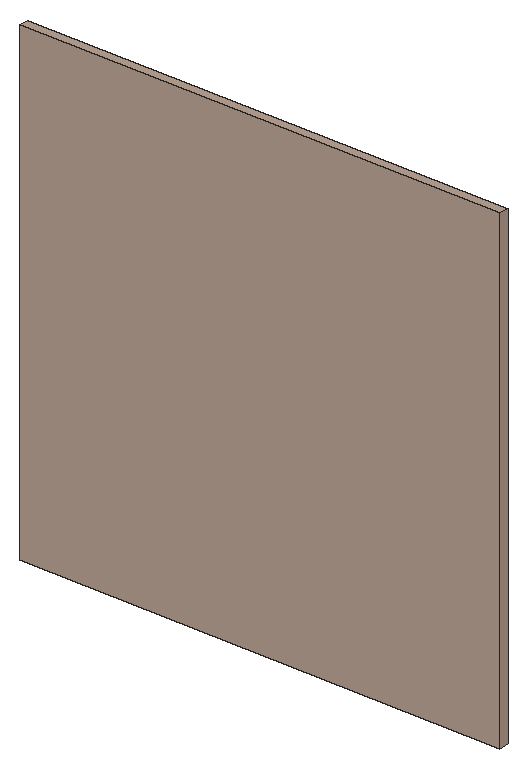
Revit family "LISTON VINIL CAFE CU_453711761", category Modelos genéricos, Revit 2024
Family settings
  Puede alojar armadura = No
  Cota de conector redondo = Usar diámetro
  Tipo de pieza = Normal
  Se basa en plano de trabajo = No
  Siempre vertical = Sí
  Corte con vacíos al cargar = No
  Mantener orientación de anotación = No
  Compartido = No
  Punto de cálculo de habitación = No
Parameters
  Elevación por defecto = 0 mm
Reference planes
  plane 1 "Center (Front/Back)": y = 0
  plane 2: z = 0
  plane 3 "Center (Left/Right)": x = 0
Forms (mm)
  Extrusion 1, solid, material "Analytical Panels"
    sketch origin (0, 0, 0) x (1, 0, 0) y (0, 1, 0)
      loop
        line (-1366.384, -136.448) -> (-1366.384, -194.576) -> (1633.616, -194.576) -> (1633.616, -136.448) -> (-1366.384, -136.448)
    from 0 to 3000
Dimensions and locks
  Extrusion 1 sketch curve to Extrusion 1 sketch curve = 58.128 mm
  Extrusion 1 to Extrusion 1 = 3000 mm  (x2)
  aligned and locked: level to plane 2
